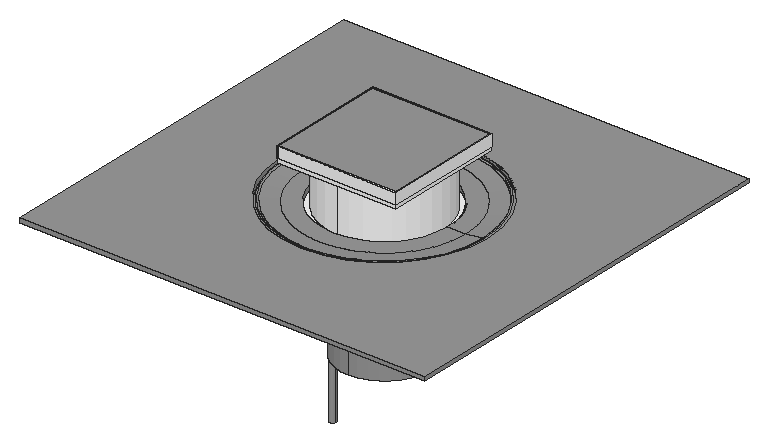
Revit family "HL_RU_Roof drain_HL62.1BH-B-221103", category Instalační zařizovací předměty, Revit 2021
Family settings
  Kóta kulaté spojky = Použít průměr
  Typ dílu = Normální
  Číslo OmniClass = 23.70.50.21.24.14
  Nadpis OmniClass = Deck Waste Water Drains
  Založené na pracovní rovině = Ne
  Vždy vertikální = Ano
  Ořezat dutým tvarem při načtení = Ne
  Sdílené = Ne
  Bod výpočtu místnosti = Ano
Parameters (values of type "HL_Кровельная воронка_HL62.1BH_1")
  РЕШЁТКА = "Edelstahl 137x137mm"
  РАЗМЕР = "DN110"
  ПРОПУСКНАЯ СПОСОБНОСТЬ [instance] = 0.0 L/s
  ПРОИЗВОДИТЕЛЬНОСТЬ = "6,0 l/s"
  ПРАВОВАЯ ИНФОРМАЦИЯ = "Авторские права(©), права на дизайн или какие либо другие права интелектуальной собственности являются исключительной собственностью компании HL Hutterer & Lechner. Изменению не подлежит. Файл семейства с данными о прозводителе изделия защищен паролем с водяным знаком."
  НОМИНАЛЬНЫЙ ДИАМЕТР = 110 mm
  НАСАДКА = "12-65mm/148x148mm"
  МАТЕРИАЛ = "PP"
  МАКСИМАЛЬНАЯ НАГРУЗКА КЛАССА = "K - 300 kg"
  ВЫСОТА МОНТАЖА = "120 mm"
  ВЕС = "2,22 [kg]"
  Výchozí výška = 0 mm
  Výrobce = "HL Hutterer & Lechner GmbH"  # constant formula
  URL = "http://www.hutterer-lechner.com/ru/products/catalog/roof-drains/HL62.1BH/1.aspx"
  Материал плитка [instance] = none
  Přípoj ventilace = no
  Přípoj odpadních dílů = yes
  Přípoj HW = no
  Přípoj CW = no
  Popis = "Кровельные воронки"
  Model = "HL62.1BH_1"
  Assembly Code = " "
  Komentáře k typům = "HL62.1BH/1 Кровельная воронка DN110 с битумным полотном и подогревом (10_30Вт/230В). Проходная _ 148х148мм/137х137мм.,"
  Keynote = "HL62.1BH_1"
  EAN = "9003076812127"
  Bысота монтажа [instance] = 65 mm  # constant formula
  G [instance] = 180.00°  # constant formula
  D [instance] = if(НОМИНАЛЬНЫЙ ДИАМЕТР = 160 mm, 64.6 mm, 71.7 mm) + Bысота монтажа  # 136.7 mm
  C [instance] = if(Bысота монтажа - 68 mm < 0 mm, 0 mm, Bысота монтажа - 68 mm)  # 0 mm
  B [instance] = 100 mm  # constant formula
  A [instance] = if(B - 100 mm > 15 mm, B - 100 mm, 15 mm)  # 15 mm
Types (5, lengths in mm): name | РАЗМЕР | НОМИНАЛЬНЫЙ ДИАМЕТР | ВЕС | URL | Model | Komentáře k typům | Keynote | EAN | D
  (no name) | "DN75" | 75 | "2,24 [kg]" | "http://www.hutterer-lechner.com/ru/products/catalog/roof-drains/HL62.1BH/7.aspx" | "HL62.1BH_7" | "HL62.1BH/7 Кровельная воронка DN75 с битумным полотном и подогревом (10_30Вт/230В). Проходная _ 148х148мм/137х137мм.," | "HL62.1BH_7" | "9003076802128" | 136.7
  HL_Кровельная воронка_HL62.1BH_1 | "DN110" | 110 | "2,22 [kg]" | "http://www.hutterer-lechner.com/ru/products/catalog/roof-drains/HL62.1BH/1.aspx" | "HL62.1BH_1" | "HL62.1BH/1 Кровельная воронка DN110 с битумным полотном и подогревом (10_30Вт/230В). Проходная _ 148х148мм/137х137мм.," | "HL62.1BH_1" | "9003076812127" | 136.7
  HL_Кровельная воронка_HL62.1BH_2 | "DN125" | 125 | "2,22 [kg]" | "http://www.hutterer-lechner.com/ru/products/catalog/roof-drains/HL62.1BH/2.aspx" | "HL62.1BH_2" | "HL62.1BH/2 Кровельная воронка DN125 с битумным полотном и подогревом (10_30Вт/230В). Проходная _ 148х148мм/137х137мм.," | "HL62.1BH_2" | "9003076822126" | 136.7
  HL_Кровельная воронка_HL62.1BH_5 | "DN160" | 160 | "2,24 [kg]" | "http://www.hutterer-lechner.com/ru/products/catalog/roof-drains/HL62.1BH/5.aspx" | "HL62.1BH_5" | "HL62.1BH/5 Кровельная воронка DN160 с битумным полотном и подогревом (10_30Вт/230В). Проходная _ 148х148мм/137х137мм.," | "HL62.1BH_5" | "9003076832125" | 129.6
  HL_Кровельная воронка_HL62.1BH_7 | "DN75" | 75 | "2,24 [kg]" | "http://www.hutterer-lechner.com/ru/products/catalog/roof-drains/HL62.1BH/7.aspx" | "HL62.1BH_7" | "HL62.1BH/7 Кровельная воронка DN75 с битумным полотном и подогревом (10_30Вт/230В). Проходная _ 148х148мм/137х137мм.," | "HL62.1BH_7" | "9003076802128" | 136.7
Reference planes
  plane 1 "Center (Front/Back)": y = 0
  plane 2: z = 0
  plane 3 "Center (Left/Right)": x = 0
  plane 4: z = -100
  plane 5: z = -65
Lines and regions (mm)
  model lines, style "InvisibleLines"
    curve 1: line (0, 0, 0) -> (0, 0, 20)
  model lines, style "PlumbingFixtures", detail levels coarse+medium
    curve 2: line (0, 0, -100) -> (0, 0, -85)
    curve 3: line (0, 0, -85) -> (-85, 0, 0)
    curve 4: line (0, 0, -85) -> (85, 0, 0)
    curve 6: line (0, 0, -100) -> (0, 0, -236.7)
  reference lines, not visible
    curve 5: line (0, 0, -100) -> (0, 0, -236.7)
  symbolic lines, style "PlumbingFixtures", detail levels coarse+medium
    curve 7: line (-75, 75, 0) -> (75, 75, 0)
    curve 8: line (-75, -75, 0) -> (-75, 75, 0)
    curve 9: line (75, -75, 0) -> (-75, -75, 0)
    curve 10: line (75, 75, 0) -> (75, -75, 0)
    curve 11: line (-75, 75, 0) -> (-145.711, 145.711, 0)
    curve 12: line (75, 75, 0) -> (145.711, 145.711, 0)
    curve 13: line (-75, -75, 0) -> (-145.711, -145.711, 0)
    curve 14: line (75, -75, 0) -> (145.711, -145.711, 0)
  symbolic lines, style "PlumbingFixtures", not visible, detail levels coarse+medium
    curve 15: line (-75, 75, 0) -> (75, 75, 0)
    curve 16: line (-75, -75, 0) -> (-75, 75, 0)
    curve 17: line (75, -75, 0) -> (-75, -75, 0)
    curve 18: line (75, 75, 0) -> (75, -75, 0)
    curve 19: line (-75, 75, 0) -> (-145.711, 145.711, 0)
    curve 20: line (75, 75, 0) -> (145.711, 145.711, 0)
    curve 21: line (-75, -75, 0) -> (-145.711, -145.711, 0)
    curve 22: line (75, -75, 0) -> (145.711, -145.711, 0)
Text (mm)
  text "FLOOR" at (-162.344, 0, -10.979), in view "Drain Construction View"
Dimensions and locks
  "B": plane 2 to plane 4
  "Bысота монтажа": plane 2 to plane 5
  "A": curve 4 to plane 4
  "D": curve 5 to curve 5
  "D": curve 6 to curve 6
  locked: curve 4 to plane 3 "Center (Left/Right)" (angle 45.00°)
  locked: plane 3 "Center (Left/Right)" to curve 3 (angle 45.00°)
  "G": angle curve 5 to plane 3 "Center (Left/Right)"
  aligned and locked: level to plane 2
  aligned and locked: plane 2 to curve 4
  aligned and locked: plane 2 to curve 3
  aligned and locked: plane 4 to curve 5
  aligned and locked: plane 3 "Center (Left/Right)" to curve 5
  aligned and locked: plane 4 to curve 2
  aligned and locked: curve 6 to plane 3 "Center (Left/Right)"
  aligned and locked: curve 6 to plane 4
  aligned and locked: plane 3 "Center (Left/Right)" to nested 1
  aligned and locked: nested 2 to plane 5
  aligned and locked: plane 2 to nested 1
  aligned and locked: nested 2 to plane 3 "Center (Left/Right)"
Automatic sketch dimensions
  curve 2 to plane 3 "Center (Left/Right)" = 0 mm
  curve 1 to plane 3 "Center (Left/Right)" = 0 mm
  curve 1 to level = 0 mm
  level to curve 1 = 20 mm
Nested families
  nested 1: "HL_Насадка_HL66.9S" at (0, 0, 0), Bысота монтажа <- "Bысота монтажа", type "HL_Grate frame_HL66.9S"
    with L 93 mm, IHmin 12 mm, IHmax 65 mm, Bысота монтажа 65 mm
  nested 2: "HL_кровельные воронки - корпус_HL62.1H" at (0, 0, -69.7), НОМИНАЛЬНЫЙ ДИАМЕТР <- "НОМИНАЛЬНЫЙ ДИАМЕТР", type "HL_кровельные воронки - корпус_HL62.1H"
    with НОМИНАЛЬНЫЙ ДИАМЕТР 110 mm, OOD 63.7 mm, L 65 mm
Connectors
  piping at (0, 0, -236.7), diameter 110, driven by "ПРОПУСКНАЯ СПОСОБНОСТЬ", driven by "НОМИНАЛЬНЫЙ ДИАМЕТР"
    settings: on curve 5, index 1, connector inside diameter 609.6 mm, connector length 0 mm, flow factor 0, pipe flow 0.0 L/s, pressure drop 0.0 Pa, fitting loss kfactor 0, connector angle 0.00°, fixture units 0, engagement length 0 mm, angle of deflection 0.00°, flow configuration 1, flow direction 2, fitting loss method 0, system type 16, joint type 0, gender type 0, connector reference index -1, connector utility 0, adjustable connector yes, is connector primary yes, connector description ""
Definition of nested family "HL_Насадка_HL66.9S"
  Parameters (values of type "HL_Grate frame_HL66.9S")
    РЕШЁТКА = "Edelstahl 138x138mm"
    РАЗМЕР = "d 145 mm"
    ПРАВОВАЯ ИНФОРМАЦИЯ = "Авторские права(©), права на дизайн или какие либо другие права интелектуальной собственности являются исключительной собственностью компании HL Hutterer & Lechner. Изменению не подлежит. Файл семейства с данными о прозводителе изделия защищен паролем с водяным знаком."
    НАСАДКА = "147x147mm"
    МАТЕРИАЛ = "PP"
    МАКСИМАЛЬНАЯ НАГРУЗКА КЛАССА = "K - 300 kg"
    ВЫСОТА МОНТАЖА = "12-65mm"
    Материал плитка = none
    ВЕС = "0,345 [kg]"
    Default Elevation = 0 mm
    L [instance] = if(Bысота монтажа < IHmin, -100 mm, if(Bысота монтажа > IHmax, -100 mm, Bысота монтажа + 28 mm))  # 93 mm
    Manufacturer = "HL Hutterer & Lechner GmbH"
    URL = "http://www.hutterer-lechner.com/ru/products/catalog/roof-drains/HL66.9.aspx"
    Description = "Кровельные воронки"
    Model = "HL66.9"
    Type Comments = "HL66.9, Насадка d 145мм с бороздками/147х147мм/138х138мм"
    Keynote = "HL66.9"
    Bысота монтажа [instance] = 65 mm
    IHmin [instance] = 12 mm
    IHmax [instance] = 65 mm
    EAN = "9003076014606"
    Cost = 0
  Reference planes
    plane 1 "Střed (vpředu/vzadu)": y = 0
    plane 2: z = 0
    plane 3 "Střed (vlevo/vpravo)": x = 0
  Forms (mm)
    Revolve 1, solid, detail levels fine
      sketch origin (0, 0, 128) x (0, 1, 0) y (0, 0, 1)
        loop
          line (72.5, -142) -> (69.248, -142) -> (69.248, -221) -> (72.5, -221) -> (72.5, -142)
        axis (0, -142) -> (0, -221)
      angle from 0 to 360
    Extrusion 2, solid, detail levels fine
      sketch origin (-1.537, 0, -14.6) x (0, 1, 0) y (-1, 0, 0)
        loop
          line (74, 72.459) -> (-74, 72.459) -> (-74, -75.537) -> (74, -75.537) -> (74, 72.459)
        loop
          line (73, 71.463) -> (-73, 71.463) -> (-73, -74.537) -> (73, -74.537) -> (73, 71.463)
      from 0.6 to 14.6
    Extrusion 3, solid, detail levels fine
      sketch origin (-1.537, 0, -14) x (-1, 0, 0) y (0, 1, 0)
        loop
          line (71.463, 73) -> (-74.537, 73) -> (-74.537, -73) -> (71.463, -73) -> (71.463, 73)
        loop
          circle (-1.537, 0) r 72.5
      from 0 to 5
    Extrusion 4, solid, detail levels fine
      sketch origin (-1.537, 0, -14) x (-1, 0, 0) y (0, -1, 0)
        loop
          line (70.95, -72.397) -> (70.95, 72.463) -> (-74.05, 72.463) -> (-74.05, -72.397) -> (70.95, -72.397)
      from 0 to 14
    Revolve 5, solid, detail levels fine
      sketch origin (0, 75.989, -93) x (0, -1, 0) y (0, 0, -1)
        loop
          line (3.489, -20) -> (3.489, 0) -> (0.186, 0) -> (-2.325, -2.511) -> (-2.325, -20) -> (3.489, -20)
        axis (75.989, -20) -> (75.989, 0)
      angle from 0 to 360
  Lines and regions (mm)
    model lines, detail levels fine
      curve 1: line (36.25, 24.325, 0) -> (36.25, -24.42, 0)
      curve 2: line (43.75, -24.42, 0) -> (43.75, 24.325, 0)
      curve 3: line (52.25, 40.306, 0) -> (52.25, -40.355, 0)
      curve 4: line (59.75, -40.355, 0) -> (59.75, 40.306, 0)
      curve 5: line (20.25, 8.588, 0) -> (20.25, -8.684, 0)
      curve 6: line (27.75, -8.684, 0) -> (27.75, 8.588, 0)
      curve 7: arc (27.75, 8.588, 0) -> (24, 12.338, 0) -> (20.25, 8.588, 0) r 3.75
      curve 8: arc (20.25, -8.684, 0) -> (24, -12.434, 0) -> (27.75, -8.684, 0) r 3.75
      curve 9: arc (36.25, -24.42, 0) -> (40, -28.17, 0) -> (43.75, -24.42, 0) r 3.75
      curve 10: arc (43.75, 24.325, 0) -> (40, 28.075, 0) -> (36.25, 24.325, 0) r 3.75
      curve 11: arc (59.75, 40.306, 0) -> (56, 44.056, 0) -> (52.25, 40.306, 0) r 3.75
      curve 12: arc (52.25, -40.355, 0) -> (56, -44.105, 0) -> (59.75, -40.355, 0) r 3.75
      curve 13: line (-24.325, -36.25, 0) -> (24.42, -36.25, 0)
      curve 14: line (24.42, -43.75, 0) -> (-24.325, -43.75, 0)
      curve 15: line (-40.306, -52.25, 0) -> (40.355, -52.25, 0)
      curve 16: line (40.355, -59.75, 0) -> (-40.306, -59.75, 0)
      curve 17: line (-8.588, -20.25, 0) -> (8.684, -20.25, 0)
      curve 18: line (8.684, -27.75, 0) -> (-8.588, -27.75, 0)
      curve 19: arc (-8.588, -27.75, 0) -> (-12.338, -24, 0) -> (-8.588, -20.25, 0) r 3.75
      curve 20: arc (8.684, -20.25, 0) -> (12.434, -24, 0) -> (8.684, -27.75, 0) r 3.75
      curve 21: arc (24.42, -36.25, 0) -> (28.17, -40, 0) -> (24.42, -43.75, 0) r 3.75
      curve 22: arc (-24.325, -43.75, 0) -> (-28.075, -40, 0) -> (-24.325, -36.25, 0) r 3.75
      curve 23: arc (-40.306, -59.75, 0) -> (-44.056, -56, 0) -> (-40.306, -52.25, 0) r 3.75
      curve 24: arc (40.355, -52.25, 0) -> (44.105, -56, 0) -> (40.355, -59.75, 0) r 3.75
      curve 25: line (36.25, -24.42, 0) -> (36.25, 24.325, 0)
      curve 26: line (43.75, 24.325, 0) -> (43.75, -24.42, 0)
      curve 27: line (52.25, -40.355, 0) -> (52.25, 40.306, 0)
      curve 28: line (59.75, 40.306, 0) -> (59.75, -40.355, 0)
      curve 29: line (20.25, -8.684, 0) -> (20.25, 8.588, 0)
      curve 30: line (27.75, 8.588, 0) -> (27.75, -8.684, 0)
      curve 31: arc (27.75, -8.588, 0) -> (24, -12.338, 0) -> (20.25, -8.588, 0) r 3.75
      curve 32: arc (20.25, 8.684, 0) -> (24, 12.434, 0) -> (27.75, 8.684, 0) r 3.75
      curve 33: arc (36.25, 24.42, 0) -> (40, 28.17, 0) -> (43.75, 24.42, 0) r 3.75
      curve 34: arc (43.75, -24.325, 0) -> (40, -28.075, 0) -> (36.25, -24.325, 0) r 3.75
      curve 35: arc (59.75, -40.306, 0) -> (56, -44.056, 0) -> (52.25, -40.306, 0) r 3.75
      curve 36: arc (52.25, 40.355, 0) -> (56, 44.105, 0) -> (59.75, 40.355, 0) r 3.75
      curve 37: line (24.42, -36.25, 0) -> (-24.325, -36.25, 0)
      curve 38: line (-24.325, -43.75, 0) -> (24.42, -43.75, 0)
      curve 39: line (40.355, -52.25, 0) -> (-40.306, -52.25, 0)
      curve 40: line (-40.306, -59.75, 0) -> (40.355, -59.75, 0)
      curve 41: line (8.684, -20.25, 0) -> (-8.588, -20.25, 0)
      curve 42: line (-8.588, -27.75, 0) -> (8.684, -27.75, 0)
      curve 43: arc (8.588, -27.75, 0) -> (12.338, -24, 0) -> (8.588, -20.25, 0) r 3.75
      curve 44: arc (-8.684, -20.25, 0) -> (-12.434, -24, 0) -> (-8.684, -27.75, 0) r 3.75
      curve 45: arc (-24.42, -36.25, 0) -> (-28.17, -40, 0) -> (-24.42, -43.75, 0) r 3.75
      curve 46: arc (24.325, -43.75, 0) -> (28.075, -40, 0) -> (24.325, -36.25, 0) r 3.75
      curve 47: arc (40.306, -59.75, 0) -> (44.056, -56, 0) -> (40.306, -52.25, 0) r 3.75
      curve 48: arc (-40.355, -52.25, 0) -> (-44.105, -56, 0) -> (-40.355, -59.75, 0) r 3.75
      curve 49: line (-36.25, 24.325, 0) -> (-36.25, -24.325, 0)
      curve 50: line (-43.75, -24.325, 0) -> (-43.75, 24.325, 0)
      curve 51: line (-52.25, 40.306, 0) -> (-52.25, -40.306, 0)
      curve 52: line (-59.75, -40.306, 0) -> (-59.75, 40.306, 0)
      curve 53: line (-20.25, 8.588, 0) -> (-20.25, -8.588, 0)
      curve 54: line (-27.75, -8.684, 0) -> (-27.75, 8.588, 0)
      curve 55: arc (-27.75, 8.588, 0) -> (-24, 12.338, 0) -> (-20.25, 8.588, 0) r 3.75
      curve 56: arc (-20.25, -8.684, 0) -> (-24, -12.434, 0) -> (-27.75, -8.684, 0) r 3.75
      curve 57: arc (-43.75, 24.325, 0) -> (-40, 28.075, 0) -> (-36.25, 24.325, 0) r 3.75
      curve 58: arc (-59.75, 40.306, 0) -> (-56, 44.056, 0) -> (-52.25, 40.306, 0) r 3.75
      curve 59: line (-36.25, -24.325, 0) -> (-36.25, 24.325, 0)
      curve 60: line (-43.75, 24.325, 0) -> (-43.75, -24.325, 0)
      curve 61: line (-52.25, -40.306, 0) -> (-52.25, 40.306, 0)
      curve 62: line (-59.75, 40.306, 0) -> (-59.75, -40.306, 0)
      curve 63: line (-20.25, -8.588, 0) -> (-20.25, 8.588, 0)
      curve 64: line (-27.75, 8.588, 0) -> (-27.75, -8.684, 0)
      curve 65: arc (-27.75, -8.588, 0) -> (-24, -12.338, 0) -> (-20.25, -8.588, 0) r 3.75
      curve 66: arc (-20.25, 8.684, 0) -> (-24, 12.434, 0) -> (-27.75, 8.684, 0) r 3.75
      curve 67: arc (-36.25, 24.42, 0) -> (-40, 28.17, 0) -> (-43.75, 24.42, 0) r 3.75
      curve 68: arc (-43.75, -24.325, 0) -> (-40, -28.075, 0) -> (-36.25, -24.325, 0) r 3.75
      curve 69: arc (-59.75, -40.306, 0) -> (-56, -44.056, 0) -> (-52.25, -40.306, 0) r 3.75
      curve 70: arc (-52.25, 40.355, 0) -> (-56, 44.105, 0) -> (-59.75, 40.355, 0) r 3.75
      curve 71: line (-24.42, 36.25, 0) -> (24.325, 36.25, 0)
      curve 72: line (24.42, 43.75, 0) -> (-24.42, 43.75, 0)
      curve 73: line (-40.355, 52.25, 0) -> (40.306, 52.25, 0)
      curve 74: line (40.306, 59.75, 0) -> (-40.355, 59.75, 0)
      curve 75: line (-8.588, 20.25, 0) -> (8.588, 20.25, 0)
      curve 76: line (8.684, 27.75, 0) -> (-8.588, 27.75, 0)
      curve 77: arc (-8.588, 27.75, 0) -> (-12.338, 24, 0) -> (-8.588, 20.25, 0) r 3.75
      curve 78: arc (8.684, 20.25, 0) -> (12.434, 24, 0) -> (8.684, 27.75, 0) r 3.75
      curve 79: arc (24.42, 36.25, 0) -> (28.17, 40, 0) -> (24.42, 43.75, 0) r 3.75
      curve 80: line (24.325, 36.25, 0) -> (-24.42, 36.25, 0)
      curve 81: line (-24.42, 43.75, 0) -> (24.42, 43.75, 0)
      curve 82: line (40.306, 52.25, 0) -> (-40.355, 52.25, 0)
      curve 83: line (-40.355, 59.75, 0) -> (40.306, 59.75, 0)
      curve 84: line (8.588, 20.25, 0) -> (-8.588, 20.25, 0)
      curve 85: line (-8.588, 27.75, 0) -> (8.684, 27.75, 0)
      curve 86: arc (8.588, 27.75, 0) -> (12.338, 24, 0) -> (8.588, 20.25, 0) r 3.75
      curve 87: arc (-8.684, 20.25, 0) -> (-12.434, 24, 0) -> (-8.684, 27.75, 0) r 3.75
      curve 88: arc (-24.42, 36.25, 0) -> (-28.17, 40, 0) -> (-24.42, 43.75, 0) r 3.75
      curve 89: arc (24.325, 43.75, 0) -> (28.075, 40, 0) -> (24.325, 36.25, 0) r 3.75
      curve 90: arc (40.306, 59.75, 0) -> (44.056, 56, 0) -> (40.306, 52.25, 0) r 3.75
      curve 91: arc (-40.355, 52.25, 0) -> (-44.105, 56, 0) -> (-40.355, 59.75, 0) r 3.75
    reference lines
      curve 92: line (0, 75.989, -93) -> (0, -174.011, -93)
  Dimensions and locks
    Extrusion 2 sketch curve to Extrusion 2 sketch curve = 147.996 mm
    Extrusion 2 sketch curve to Extrusion 2 sketch curve = 148 mm
    "L": curve 92 to plane 2
    aligned and locked: level to plane 2
    aligned and locked: Revolve 1 to curve 92
  Automatic sketch dimensions
    plane 1 "Střed (vpředu/vzadu)" to Extrusion 2 sketch curve = 74 mm
    Extrusion 2 sketch curve to Extrusion 2 sketch curve = 1 mm  (x3)
    plane 3 "Střed (vlevo/vpravo)" to Extrusion 2 sketch curve = 74 mm
    Extrusion 2 sketch curve to Extrusion 2 sketch curve = 0.996 mm
    Extrusion 3 sketch curve to Extrusion 2 = 0 mm  (x4)
    Extrusion 3 sketch curve to Extrusion 2 = 73 mm  (x2)
    Extrusion 2 to curve 16 = 13.25 mm
    curve 24 to curve 47 = 3.75 mm
    curve 47 to curve 24 = 0 mm
    curve 48 to curve 23 = 0 mm  (x2)
    curve 23 to curve 38 = 8.5 mm
    curve 24 to curve 12 = 11.895 mm
    curve 12 to curve 35 = 0.048 mm
    curve 15 to curve 69 = 11.944 mm
    curve 22 to curve 45 = 3.75 mm
    curve 21 to curve 46 = 3.75 mm
    curve 46 to curve 21 = 0 mm
    curve 22 to curve 18 = 8.5 mm
    curve 21 to curve 9 = 11.83 mm
    curve 13 to curve 49 = 11.925 mm
    curve 9 to curve 34 = 0.095 mm
    curve 18 to curve 19 = 3.75 mm
    curve 44 to curve 19 = 0 mm  (x2)
    curve 43 to curve 20 = 0 mm
    curve 20 to curve 5 = 11.566 mm
    curve 49 to curve 64 = 15.642 mm
    curve 8 to curve 31 = 0.095 mm
    curve 56 to curve 53 = 0.095 mm
    curve 65 to curve 64 = 17.177 mm
    curve 31 to curve 29 = 17.177 mm
    curve 7 to curve 32 = 0.095 mm
    curve 55 to curve 66 = 0.095 mm
    curve 32 to curve 84 = 11.566 mm
    curve 86 to curve 78 = 3.75 mm
    curve 86 to curve 78 = 0 mm
    curve 77 to curve 87 = 3.75 mm
    curve 87 to curve 77 = 0 mm  (x2)
    curve 66 to curve 60 = 15.642 mm
    curve 32 to curve 26 = 15.642 mm
    curve 10 to curve 33 = 0.095 mm
    curve 57 to curve 67 = 0.095 mm
    curve 33 to curve 71 = 11.83 mm
    curve 89 to curve 89 = 3.75 mm
    curve 88 to curve 88 = 3.75 mm
    curve 89 to curve 79 = 0 mm
    curve 33 to curve 11 = 15.886 mm
    curve 67 to curve 51 = 15.886 mm
    curve 58 to curve 70 = 0.048 mm
    curve 11 to curve 36 = 0.048 mm
    curve 70 to curve 73 = 11.895 mm
    curve 90 to curve 90 = 3.75 mm
    Extrusion 2 to curve 28 = 13.25 mm
    curve 4 to curve 11 = 3.75 mm
    curve 35 to curve 12 = 0 mm
    curve 36 to curve 11 = 0 mm
    curve 3 to curve 2 = 8.5 mm
    curve 3 to curve 39 = 11.895 mm
    curve 11 to curve 83 = 11.944 mm
    curve 24 to curve 47 = 0.048 mm
    curve 26 to curve 9 = 3.75 mm
    curve 33 to curve 10 = 0 mm
    curve 34 to curve 9 = 0 mm
    curve 34 to curve 30 = 8.5 mm
    curve 90 to curve 72 = 15.886 mm
    curve 1 to curve 21 = 11.83 mm
    curve 79 to curve 80 = 0.095 mm
    curve 21 to curve 46 = 0.095 mm
    curve 6 to curve 32 = 3.75 mm
    curve 6 to curve 8 = 3.75 mm
    curve 31 to curve 8 = 0 mm
    curve 29 to curve 17 = 11.566 mm
    curve 7 to curve 78 = 11.566 mm
    curve 78 to curve 86 = 0.095 mm
    curve 20 to curve 43 = 0.095 mm
    curve 43 to curve 41 = 17.177 mm
    curve 86 to curve 77 = 17.177 mm
    curve 19 to curve 44 = 0.095 mm
    curve 77 to curve 87 = 0.095 mm
    curve 87 to curve 53 = 11.566 mm
    curve 53 to curve 66 = 3.75 mm
    curve 55 to curve 66 = 0 mm
    curve 56 to curve 54 = 3.75 mm
    curve 65 to curve 56 = 0 mm
    curve 44 to curve 14 = 15.642 mm
    curve 22 to curve 45 = 0.095 mm
    curve 87 to curve 72 = 15.736 mm
    curve 45 to curve 59 = 11.83 mm
    curve 57 to curve 67 = 3.75 mm
    curve 68 to curve 68 = 3.75 mm
    curve 45 to curve 15 = 15.886 mm
    curve 23 to curve 48 = 0.048 mm
    curve 72 to curve 74 = 15.935 mm
    curve 91 to curve 51 = 11.895 mm
    curve 51 to curve 70 = 3.75 mm
    curve 51 to curve 69 = 3.75 mm
    curve 45 to curve 22 = 0 mm
    curve 36 to curve 28 = 0 mm
    curve 33 to curve 2 = 0 mm
    curve 32 to curve 30 = 0 mm
    curve 66 to curve 55 = 0 mm
    curve 67 to curve 57 = 0 mm
    curve 70 to curve 51 = 0 mm
    Extrusion 4 sketch curve to Extrusion 3 = 0.487 mm
    Extrusion 4 sketch curve to Extrusion 3 = 0.513 mm
    Extrusion 4 sketch curve to Extrusion 3 = 0.603 mm
    Extrusion 4 sketch curve to Extrusion 3 = 0.537 mm
    Revolve 1 sketch curve to plane 1 "Střed (vpředu/vzadu)" = 0 mm
    Revolve 1 sketch curve to level = 14 mm
    Revolve 1 sketch curve to plane 1 "Střed (vpředu/vzadu)" = 69.248 mm
    Revolve 1 sketch curve to Revolve 1 sketch curve = 3.252 mm
    Revolve 1 sketch curve to Revolve 1 sketch curve = 79 mm
    Revolve 1 sketch curve to Revolve 1 sketch curve = 17.5 mm
    level to Revolve 1 sketch curve = 144.5 mm
    Revolve 5 sketch curve to curve 92 = 0 mm
    Revolve 5 sketch curve to curve 92 = 2.325 mm
    curve 92 to Revolve 5 sketch curve = 0.186 mm
    curve 92 to Revolve 5 sketch curve = 3.489 mm
    Revolve 5 sketch curve to curve 92 = 2.511 mm
    Revolve 5 sketch curve to curve 92 = 20 mm
    curve 92 to Revolve 5 sketch curve = 75.989 mm
    Revolve 5 sketch curve to curve 92 = 393 mm
    curve 92 to Revolve 5 sketch curve = 207 mm
    plane 1 "Střed (vpředu/vzadu)" to curve 92 = 174.011 mm
    curve 92 to plane 1 "Střed (vpředu/vzadu)" = 75.989 mm
    radius of Extrusion 3 sketch curve = 72.5 mm
Definition of nested family "HL_кровельные воронки - корпус_HL62.1H"
  Parameters (values of type "HL_кровельные воронки - корпус_HL62.1H")
    НОМИНАЛЬНЫЙ ДИАМЕТР [instance] = 110 mm
    Default Elevation = 0 mm
    Manufacturer = ""
    URL = ""
    Description = ""
    OOD [instance] = if(НОМИНАЛЬНЫЙ ДИАМЕТР = 75 mm, 48 mm, if(НОМИНАЛЬНЫЙ ДИАМЕТР = 110 mm, 63.7 mm, if(НОМИНАЛЬНЫЙ ДИАМЕТР = 125 mm, 69 mm, if(НОМИНАЛЬНЫЙ ДИАМЕТР = 160 mm, 111 mm, 0 mm))))  # 63.7 mm
    Model = ""
    L [instance] = if(НОМИНАЛЬНЫЙ ДИАМЕТР = 160 mm, 57.9 mm, 65 mm)  # 65 mm
    Type Comments = ""
    Cost = 0
  Reference planes
    plane 1 "Střed (vpředu/vzadu)": y = 0
    plane 2: z = 0
    plane 3 "Střed (vlevo/vpravo)": x = 0
    plane 4: z = -102.02
  Forms (mm)
    Revolve 1, solid, detail levels fine
      sketch origin (0, 0, 0) x (1, 0, 0) y (0, 0, 1)
        loop
          line (-77.396, -30.784) -> (-82.772, -25.408) -> (-82.772, -4.05) -> (-102.772, -4.05) -> (-113.899, 0) -> (-177, 0) -> (-177, -3) -> (-127.89, -3) -> (-105.416, -11.18) -> (-88.084, -11.18) -> (-88.084, -27.167) -> (-79.985, -31.474) -> (-79.985, -102.02) -> (0, -102.02) -> (0, -35.37) -> (-76.081, -35.37) -> (-77.396, -30.784)
        axis (0, 0) -> (0, -102.02)
      angle from 0 to 360
    Extrusion 2, solid, detail levels fine
      sketch origin (0, 0, 0) x (1, 0, 0) y (0, 1, 0)
        loop
          line (-250, 250) -> (-250, -250) -> (250, -250) -> (250, 250) -> (-250, 250)
        loop
          circle (0, 0) r 127.89
      from 0 to 4.7
    Sweep 3, solid, detail levels fine
      path origin (-63.7, 0, -263.782) x (0, 0, 1) y (-1, 0, 0)
        loop
          line (0, 0) -> (166.285, 0)
          arc (166.285, 0) -> (176.156, -4.089) -> (180.245, -13.96) r 13.96
          line (180.245, -13.96) -> (180.245, -31.056)
      profile origin (-63.7, 0, -180.64) x (-1, 0, 0) y (0, -1, 0)
        loop
          circle (0, 0) r 4
    Revolve 4, solid, detail levels fine
      sketch origin (0, 0, 0) x (1, 0, 0) y (0, 0, 1)
        loop
          line (-124.587, 4.544) -> (-123.526, 3.482) -> (-101.674, 0.256) -> (-79.715, 0.256) -> (-79.715, -21.456) -> (-75.875, -21.456) -> (-75.875, -25.656) -> (-74.936, -25.656) -> (-74.936, -20.879) -> (-79.089, -20.879) -> (-79.089, 1.344) -> (-101.196, 1.344) -> (-121.893, 3.519) -> (-123.356, 4.544) -> (-124.587, 4.544)
        axis (0, 4.544) -> (0, -25.656)
      angle from 0 to 360
    Extrusion 5, solid, detail levels fine
      sketch origin (-79.985, 0, -102.02) x (0, -1, 0) y (-1, 0, 0)
        loop
          circle (0, -79.985) r 55
      from 0 to 65
  Lines and regions (mm)
    reference lines
      curve 1: line (-63.7, 0, -263.782) -> (-63.7, 0, -203.782)
  Dimensions and locks
    "OOD": plane 3 "Střed (vlevo/vpravo)" to curve 1
    "L": plane 4 to Extrusion 5
    "НОМИНАЛЬНЫЙ ДИАМЕТР": diameter of Extrusion 5 sketch curve
    aligned and locked: level to plane 2
    aligned and locked: Extrusion 5 to plane 4
  Automatic sketch dimensions
    Revolve 1 sketch curve to level = 0 mm
    Revolve 1 sketch curve to plane 3 "Střed (vlevo/vpravo)" = 0 mm  (x2)
    Revolve 1 sketch curve to level = 35.37 mm
    Revolve 1 sketch curve to plane 3 "Střed (vlevo/vpravo)" = 76.081 mm
    Revolve 1 sketch curve to level = 30.784 mm
    Revolve 1 sketch curve to Revolve 1 sketch curve = 1.315 mm
    Revolve 1 sketch curve to Revolve 1 sketch curve = 3.904 mm
    Revolve 1 sketch curve to level = 4.05 mm
    Revolve 1 sketch curve to Revolve 1 sketch curve = 5.376 mm
    Revolve 1 sketch curve to Revolve 1 sketch curve = 5.312 mm
    Revolve 1 sketch curve to Revolve 1 sketch curve = 14.688 mm
    Revolve 1 sketch curve to Revolve 1 sketch curve = 2.644 mm
    Revolve 1 sketch curve to Revolve 1 sketch curve = 11.127 mm
    Revolve 1 sketch curve to level = 3 mm
    Revolve 1 sketch curve to Revolve 1 sketch curve = 13.991 mm
    Revolve 1 sketch curve to Revolve 1 sketch curve = 49.11 mm
    Revolve 1 sketch curve to Revolve 1 sketch curve = 66.65 mm
    Revolve 1 sketch curve to Revolve 1 sketch curve = 0.689 mm
    Revolve 1 sketch curve to Revolve 1 sketch curve = 4.306 mm
    Revolve 1 sketch curve to Revolve 1 sketch curve = 1.759 mm
    Revolve 1 sketch curve to Revolve 1 sketch curve = 7.13 mm
    Revolve 1 sketch curve to Revolve 1 sketch curve = 197.98 mm
    level to Revolve 1 sketch curve = 295.621 mm
    plane 1 "Střed (vpředu/vzadu)" to Extrusion 2 sketch curve = 0 mm
    Extrusion 2 sketch curve to plane 3 "Střed (vlevo/vpravo)" = 0 mm
    Extrusion 2 sketch curve to plane 3 "Střed (vlevo/vpravo)" = 250 mm
    plane 3 "Střed (vlevo/vpravo)" to Extrusion 2 sketch curve = 250 mm
    plane 1 "Střed (vpředu/vzadu)" to Extrusion 2 sketch curve = 250 mm
    Extrusion 2 sketch curve to plane 1 "Střed (vpředu/vzadu)" = 250 mm
    plane 1 "Střed (vpředu/vzadu)" to Sweep 3 sketch curve = 0 mm
    Sweep 3 sketch curve to profile plane = 0 mm
    Revolve 4 sketch curve to plane 3 "Střed (vlevo/vpravo)" = 0 mm
    Revolve 4 sketch curve to level = 25.656 mm
    Revolve 4 sketch curve to plane 3 "Střed (vlevo/vpravo)" = 74.936 mm
    Revolve 4 sketch curve to Revolve 4 sketch curve = 0.939 mm
    level to Revolve 4 sketch curve = 1.344 mm
    Revolve 4 sketch curve to Revolve 4 sketch curve = 4.153 mm
    Revolve 4 sketch curve to Revolve 4 sketch curve = 0.626 mm
    Revolve 4 sketch curve to Revolve 4 sketch curve = 21.481 mm
    level to Revolve 4 sketch curve = 0.256 mm
    Revolve 4 sketch curve to Revolve 4 sketch curve = 0.479 mm
    level to Revolve 4 sketch curve = 3.519 mm
    Revolve 4 sketch curve to Revolve 4 sketch curve = 20.219 mm
    level to Revolve 4 sketch curve = 4.544 mm
    Revolve 4 sketch curve to Revolve 4 sketch curve = 1.463 mm
    level to Revolve 4 sketch curve = 3.482 mm
    Revolve 4 sketch curve to Revolve 4 sketch curve = 0.169 mm
    Revolve 4 sketch curve to Revolve 4 sketch curve = 1.231 mm
    Revolve 4 sketch curve to Revolve 4 sketch curve = 4.2 mm
    Revolve 4 sketch curve to Revolve 4 sketch curve = 0.577 mm
    Revolve 4 sketch curve to Revolve 4 sketch curve = 274.344 mm
    level to Revolve 4 sketch curve = 295.621 mm
    Sweep 3 sketch curve to curve 1 = 0 mm  (x2)
    Sweep 3 sketch curve to Sweep 3 sketch curve = 17.096 mm
    curve 1 to Sweep 3 sketch curve = 13.96 mm
    curve 1 to Sweep 3 sketch curve = 106.285 mm
    plane 4 to curve 1 = 161.762 mm
    curve 1 to curve 1 = 60 mm
    plane 1 "Střed (vpředu/vzadu)" to Extrusion 5 sketch curve = 0 mm
    Extrusion 5 sketch curve to plane 3 "Střed (vlevo/vpravo)" = 0 mm
    radius of Extrusion 2 sketch curve = 127.89 mm
    radius of Sweep 3 sketch curve = 4 mm
